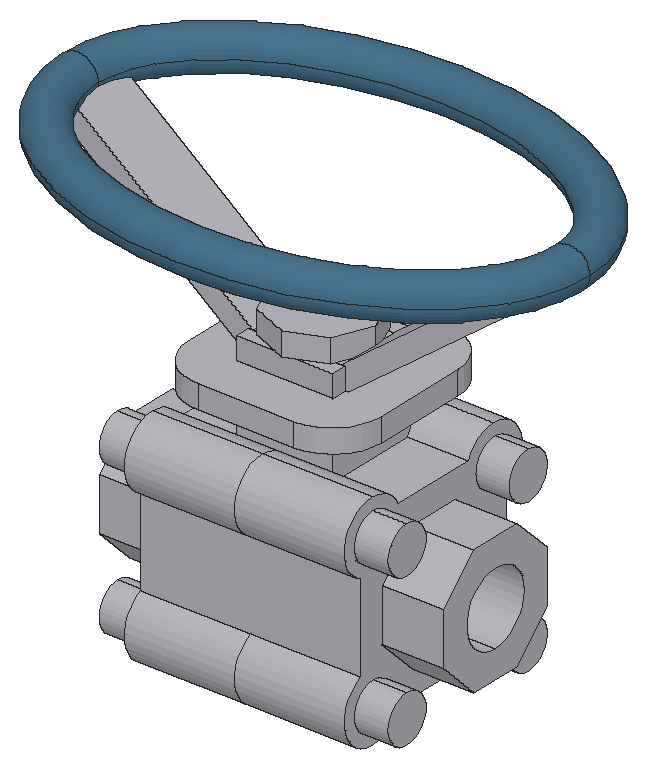
Revit family "320ASWOH-Ball-Valve", category Pipe Accessories, Revit 2018
Family settings
  Round Connector Dimension = Use Diameter
  Part Type = Valve - Breaks Into
  OmniClass Number = 23.60.30.11.14
  OmniClass Title = Pipework Fittings
  Work Plane-Based = No
  Always vertical = Yes
  Cut with Voids When Loaded = No
  Shared = No
Parameters
  Z4 [instance] = size_lookup(LookupTable, "Z4", 0.000", Nominal Diameter)  # 0.800"
  Z3 [instance] = size_lookup(LookupTable, "Z3", 0.000", Nominal Diameter)  # 0.200"
  Weight [instance] = size_lookup(LookupTable, "Weight", "NA", Nominal Diameter)  # "2.29 lbs."
  URL = "http://www.fnw.com"
  Standards Lookup Table = "Standards"  # constant formula
  R3 [instance] = size_lookup(LookupTable, "R3", 0.000", Nominal Diameter)  # 0.91924"
  Product ID Handle [instance] = size_lookup(LookupTable, "ProductIDHandle", "NA", Nominal Diameter)  # "4448698"
  Product ID [instance] = size_lookup(LookupTable, "ProductID", "NA", Nominal Diameter)  # "4106160"
  Pipe Diameter [instance] = size_lookup(Standards Lookup Table, "copper", 0.000", Nominal Diameter)  # 0.625"
  Pins [instance] = Lm / 2  # 0.650"
  Pin Length [instance] = X2 * 4 + X3  # 2.4726"
  Pin Diameter [instance] = size_lookup(LookupTable, "m", 0.000", Nominal Diameter)  # 0.400"
  Pin Bung [instance] = Pin Diameter * 1.5  # 0.600"
  Part Number Handle [instance] = size_lookup(LookupTable, "PartNumberHandle", "NA", Nominal Diameter)  # "FNW320AOHBF"
  Part Number [instance] = size_lookup(LookupTable, "PartNumber", "NA", Nominal Diameter)  # "FNW320ASWD"
  PIpe Radius [instance] = Pipe Diameter / 2  # 0.3125"
  Insert [instance] = size_lookup(LookupTable, "insert", 0.000", Nominal Diameter)  # 0.430"
  Manufacturer = "FNW"  # constant formula
  Lm [instance] = size_lookup(LookupTable, "lm", 0.000", Nominal Diameter)  # 1.300"
  Grip Pin4 [instance] = X3 / 2 + (X2 * 2)  # 1.2363"
  Gear [instance] = D3_Half - 0.063"  # 0.3495"
  Description BOM Handle [instance] = size_lookup(LookupTable, "Description_BOMHandle", "NA", Nominal Diameter)  # "1/4 - 3/4 OVAL Handle Kit 320A BV"
  Description BOM [instance] = size_lookup(LookupTable, "Description_BOM", "NA", Nominal Diameter)  # "1/2 Stainless Steel 2000# Socket Weld 3 Piece Full Port BV"
  Z2 [instance] = size_lookup(LookupTable, "Z2", 0.000", Nominal Diameter)  # 0.300"
  Z1 [instance] = size_lookup(LookupTable, "Z1", 0.000", Nominal Diameter)  # 0.920"
  X3 [instance] = size_lookup(LookupTable, "X3", 0.000", Nominal Diameter)  # 1.2926"
  X2 [instance] = size_lookup(LookupTable, "X2", 0.000", Nominal Diameter)  # 0.295"
  X1 [instance] = size_lookup(LookupTable, "X1", 0.000", Nominal Diameter)  # 0.5337"
  Show Lever Clearance [instance] = no
  R2 [instance] = size_lookup(LookupTable, "R2", 0.000", Nominal Diameter)  # 0.71924"
  R1_Diam [instance] = R1 * 2  # 1.100"
  R1 [instance] = size_lookup(LookupTable, "R1", 0.000", Nominal Diameter)  # 0.550"
  Nominal Radius [instance] = Nominal Diameter / 2  # 0.250"
  Nominal Diameter [instance] = 0.500"
  LookupTable = "320ASWOH-Ball-Valve"  # constant formula
  HexAngle1 [instance] = 135.00°  # constant formula
  D4 [instance] = size_lookup(LookupTable, "D4", 0.000", Nominal Diameter)  # 0.375"
  D3_Half [instance] = D3 / 2  # 0.4125"
  D3 [instance] = size_lookup(LookupTable, "D3", 0.000", Nominal Diameter)  # 0.825"
  D2_Half [instance] = D2 / 2  # 0.61875"
  D2 [instance] = size_lookup(LookupTable, "D2", 0.000", Nominal Diameter)  # 1.2375"
  D1_Half [instance] = D1 / 2  # 0.825"
  D1 [instance] = size_lookup(LookupTable, "D1", 0.000", Nominal Diameter)  # 1.650"
  Body_W [instance] = Lm / 2 + 0.125"  # 0.775"
  3_Z3 [instance] = size_lookup(LookupTable, "3_Z3", 0.000", Nominal Diameter)  # 1.3225"
  3_Z1 [instance] = size_lookup(LookupTable, "3_Z1", 0.000", Nominal Diameter)  # 1.500"
  3_Y1 [instance] = size_lookup(LookupTable, "3_Y1", 0.000", Nominal Diameter)  # 2.800"
  3_X3 [instance] = size_lookup(LookupTable, "3_X3", 0.000", Nominal Diameter)  # 0.825"
  3_X1 [instance] = size_lookup(LookupTable, "3_X1", 0.000", Nominal Diameter)  # 4.210"
  3_L1 [instance] = size_lookup(LookupTable, "3_L1", 0.000", Nominal Diameter)  # 0.1875"
  3_D1 [instance] = size_lookup(LookupTable, "3_D1", 0.000", Nominal Diameter)  # 0.355"
Reference planes (in)
  plane 1 "Center (Front/Back)": y = 0
  plane 2: z = 0
  plane 3 "Center (Left/Right)": x = 0
  plane 4 "X7 End": x = -1.475
  plane 5: x = -0.6463
  plane 6: x = 0.6463
  plane 7 "Pipe radius": z = 0.3125
  plane 8: z = 0.55
  plane 9: z = 0.92
  plane 10: z = 1.22
  plane 11 "top of pad": z = 1.42
  plane 12: x = 0.9413
  plane 13: x = -1.045
  plane 14: y = -0.65
  plane 15: z = -0.65
  plane 16: z = 0.65
  plane 17: y = 0.65
  plane 18: x = 10.098
  plane 19: y = 2.5
  plane 20: y = -2.5
  plane 21: y = -0.65
  plane 22: z = -0.65
  plane 23: z = 0.65
  plane 24: y = 0.65
  plane 25: through (0, 0, 0) normal (0, 0.7071, -0.7071)
  plane 26: through (0, 0, 0) normal (0, 0.7071, 0.7071)
  plane 27: y = -0.65
  plane 28: y = 0.65
  plane 29: y = -1.465
  plane 30: z = -1.465
  plane 31: z = 1.465
  plane 32: y = 1.465
  plane 33 "Pin Plane": x = -1.2363
  plane 34 "NPT 3": x = 1.475
  plane 35: x = 1.2363
  plane 36: z = -1.27275
  plane 37 "LM": z = 1.27275
  plane 38: x = -0.9413
  plane 39: x = 1.045
Forms (in)
  Extrusion 1, solid, material "Steel, Stainless", not visible
    sketch origin (-1.0872, 0, 0) x (0, 0, 1) y (0, -1, 0)
      loop
        circle (0, 0) r 0.25
    from 0.0422 to 2.1322
  Extrusion 2, solid, material "Steel, Stainless"
    sketch origin (1.4276, 0, 0) x (0, 0, 1) y (0, -1, 0)
      loop
        line (-0.22782, -0.55) -> (0.22782, -0.55) -> (0.55, -0.22782) -> (0.55, 0.22782) -> (0.22782, 0.55) -> (-0.22782, 0.55) -> (-0.55, 0.22782) -> (-0.55, -0.22782) -> (-0.22782, -0.55)
      loop
        circle (0, 0) r 0.3125
    from -2.9026 to 0.0474
  Extrusion 3, solid, material "Steel, Stainless"
    sketch origin (0, 0, 0.865) x (-1, 0, 0) y (0, -1, 0)
      loop
        arc (0.40833, -0.825) -> (0.70296, -0.70296) -> (0.825, -0.40833) r 0.41667
        line (0.825, -0.40833) -> (0.825, 0.40833)
        arc (0.825, 0.40833) -> (0.70296, 0.70296) -> (0.40833, 0.825) r 0.41667
        line (0.40833, 0.825) -> (-0.40833, 0.825)
        arc (-0.40833, 0.825) -> (-0.70296, 0.70296) -> (-0.825, 0.40833) r 0.41667
        line (-0.825, 0.40833) -> (-0.825, -0.40833)
        arc (-0.825, -0.40833) -> (-0.70296, -0.70296) -> (-0.40833, -0.825) r 0.41667
        line (-0.40833, -0.825) -> (0.40833, -0.825)
      loop
        circle (0, 0) r 0.4125
      loop
        circle (0, 0) r 0.3495
    from 0.355 to 0.555
  Extrusion 4, solid, material "Steel, Stainless"
    sketch origin (0, 0, 0.865) x (-1, 0, 0) y (0, -1, 0)
      loop
        line (0.4125, -0.4125) -> (0.4125, 0.4125) -> (-0.4125, 0.4125) -> (-0.4125, -0.4125) -> (0.4125, -0.4125)
    from -0.5525 to 0.355
  Extrusion 5, solid, material "Steel, Stainless"
    sketch origin (0, 0, 0.865) x (-1, 0, 0) y (0, -1, 0)
      loop
        line (0.21875, -0.21875) -> (0.21875, 0.21875) -> (-0.21875, 0.21875) -> (-0.21875, -0.21875) -> (0.21875, -0.21875)
    from 0.055 to 0.555
  Extrusion 6, solid, material "Steel, Stainless"
    sketch origin (-1.0872, 0, 0) x (0, 0, 1) y (0, -1, 0)
      loop
        circle (0.65, 0.65) r 0.2
      loop
        circle (0.65, -0.65) r 0.2
      loop
        circle (-0.65, -0.65) r 0.2
      loop
        circle (-0.65, 0.65) r 0.2
    from -0.1491 to 2.3235
  Extrusion 7, solid, material "Steel, Stainless"
    sketch origin (-1.0872, 0, 0) x (0, 0, 1) y (0, -1, 0)
      loop
        circle (0.65, -0.65) r 0.3
      loop
        circle (0.65, 0.65) r 0.3
      loop
        circle (-0.65, 0.65) r 0.3
      loop
        circle (-0.65, -0.65) r 0.3
    from 0.1459 to 1.0872
  Extrusion 8, solid, material "Steel, Stainless"
    sketch origin (-1.0872, 0, 0) x (0, 0, 1) y (0, -1, 0)
      loop
        circle (0.65, -0.65) r 0.3
      loop
        circle (0.65, 0.65) r 0.3
      loop
        circle (-0.65, 0.65) r 0.3
      loop
        circle (-0.65, -0.65) r 0.3
    from 1.0872 to 2.0285
  Extrusion 9, solid, material "Steel, Stainless"
    sketch origin (-1.2363, 0, 0) x (0, 0, 1) y (0, -1, 0)
      loop
        line (0.775, -0.775) -> (0.775, 0.775) -> (-0.775, 0.775) -> (-0.775, -0.775) -> (0.775, -0.775)
    from 0.295 to 2.1776
Cuts and joins
  joined: Extrusion 7, Extrusion 8, Extrusion 9
Dimensions and locks (in)
  "PIpe Radius": plane 7 "Pipe radius" to plane 2
  "R1": Extrusion 2 sketch curve to plane 1 "Center (Front/Back)"
  "R1": plane 1 "Center (Front/Back)" to Extrusion 2 sketch curve  (x5)
  "R1": plane 2 to Extrusion 2 sketch curve  (x2)
  "R1": plane 8 to plane 2
  "Z1": plane 9 to plane 2
  "Z2": plane 10 to plane 9
  "Z3": plane 11 "top of pad" to plane 10
  "D1_Half": Extrusion 3 sketch curve to plane 3 "Center (Left/Right)"
  "D1_Half": plane 3 "Center (Left/Right)" to Extrusion 3 sketch curve
  "D1_Half": plane 1 "Center (Front/Back)" to Extrusion 3 sketch curve
  "D1_Half": Extrusion 3 sketch curve to plane 1 "Center (Front/Back)"
  "D3_Half": Extrusion 4 sketch curve to plane 3 "Center (Left/Right)"
  "D3_Half": plane 3 "Center (Left/Right)" to Extrusion 4 sketch curve
  "D3_Half": plane 1 "Center (Front/Back)" to Extrusion 4 sketch curve  (x2)
  equal spacing: Extrusion 5 sketch curve, plane 1 "Center (Front/Back)", Extrusion 5 sketch curve
  Extrusion 5 sketch curve to Extrusion 5 sketch curve = 0.4375"  (x2)
  equal spacing: Extrusion 5 sketch curve, plane 3 "Center (Left/Right)", Extrusion 5 sketch curve
  "Pins": plane 2 to plane 16
  "Pins": plane 2 to plane 15
  "Pins": plane 1 "Center (Front/Back)" to plane 14
  "Pins": plane 17 to plane 1 "Center (Front/Back)"
  equal spacing: plane 19, plane 1 "Center (Front/Back)", plane 20
  plane 19 to plane 20 = 5.000"
  "Pins": plane 24 to plane 1 "Center (Front/Back)" to plane 21
  "Pins": plane 22 to plane 2 to plane 23
  plane 28 to plane 27 = 1.300"
  equal spacing: plane 28, plane 1 "Center (Front/Back)", plane 27
  "Lm": plane 28 to plane 27
  plane 32 to plane 29 = 2.930"
  plane 30 to plane 31 = 2.930"
  "X2": plane 12 to plane 6
  equal spacing: plane 6, plane 3 "Center (Left/Right)", plane 5
  "X3": plane 6 to plane 5
  "X1": plane 34 "NPT 3" to plane 12
  "Grip Pin4": Extrusion 6 to plane 3 "Center (Left/Right)"
  "X2": plane 35 to plane 12
  "Body_W": Extrusion 9 sketch curve to plane 2
  "Body_W": plane 1 "Center (Front/Back)" to Extrusion 9 sketch curve
  "Body_W": plane 2 to Extrusion 9 sketch curve
  "Body_W": Extrusion 9 sketch curve to plane 1 "Center (Front/Back)"
  "X2": plane 5 to plane 38
  "X2": plane 38 to plane 33 "Pin Plane"
  "X1": plane 38 to plane 4 "X7 End"
  "Insert": plane 4 "X7 End" to plane 13
  "Insert": plane 34 "NPT 3" to plane 39
  "Nominal Radius": radius of Extrusion 1 sketch curve
  "PIpe Radius": radius of Extrusion 2 sketch curve
  radius of Extrusion 3 sketch curve = 0.41667"  (x4)
  "D3_Half": radius of Extrusion 3 sketch curve
  "Gear": radius of Extrusion 3 sketch curve
  "Pin Diameter": diameter of Extrusion 6 sketch curve  (x4)
  "Pin Bung": diameter of Extrusion 7 sketch curve  (x4)
  "Pin Bung": diameter of Extrusion 8 sketch curve  (x4)
  angle Extrusion 2 sketch curve to Extrusion 2 sketch curve = 135.00°  (x7)
  aligned and locked: plane 2 to level
  aligned and locked: plane 4 "X7 End" to Extrusion 2
  aligned and locked: Extrusion 3 to plane 10
  aligned and locked: plane 11 "top of pad" to Extrusion 3
  aligned and locked: Extrusion 4 to plane 7 "Pipe radius"
  aligned and locked: Extrusion 1 to plane 13
  aligned and locked: plane 10 to Extrusion 4
  aligned and locked: Extrusion 5 to plane 9
  aligned and locked: plane 12 to Extrusion 8
  aligned and locked: Extrusion 2 to plane 34 "NPT 3"
  aligned and locked: plane 11 "top of pad" to Extrusion 5
  aligned and locked: Extrusion 6 to plane 33 "Pin Plane"
  aligned and locked: plane 3 "Center (Left/Right)" to Extrusion 7
  aligned and locked: Extrusion 8 to plane 3 "Center (Left/Right)"
  aligned and locked: cut or joined group of Extrusion 7, Extrusion 8, Extrusion 9 to plane 38  (x2)
  aligned and locked: plane 38 to cut or joined group of Extrusion 7, Extrusion 8, Extrusion 9
  aligned and locked: plane 39 to Extrusion 1
  aligned and locked: plane 12 to Extrusion 9
Automatic sketch dimensions
  Extrusion 1 sketch curve to level = 0.000"
  Extrusion 1 sketch curve to plane 1 "Center (Front/Back)" = 0.000"
  Extrusion 2 sketch curve to level = 0.000"
  Extrusion 2 sketch curve to plane 1 "Center (Front/Back)" = 0.000"
  Extrusion 3 sketch curve to Extrusion 3 sketch curve = 0.000"  (x2)
  plane 1 "Center (Front/Back)" to Extrusion 3 sketch curve = 0.000"
  Extrusion 3 sketch curve to plane 3 "Center (Left/Right)" = 0.000"
  Extrusion 6 sketch curve to plane 15 = 0.000"  (x2)
  Extrusion 6 sketch curve to plane 14 = 0.000"  (x2)
  plane 16 to Extrusion 6 sketch curve = 0.000"  (x2)
  Extrusion 6 sketch curve to plane 17 = 0.000"  (x2)
  Extrusion 7 sketch curve to plane 21 = 0.000"  (x2)
  Extrusion 7 sketch curve to plane 22 = 0.000"  (x2)
  plane 23 to Extrusion 7 sketch curve = 0.000"  (x2)
  Extrusion 7 sketch curve to plane 24 = 0.000"  (x2)
  plane 25 to Extrusion 8 sketch curve = 0.000"  (x2)
  Extrusion 8 sketch curve to plane 27 = 0.000"  (x2)
  plane 26 to Extrusion 8 sketch curve = 0.000"  (x2)
  Extrusion 8 sketch curve to plane 28 = 0.000"  (x2)
Nested families (in)
  nested 1: "Oval Handle 320ASWOH" at (0, 0, 1.42) x (-1, 0, 0) z (0, 0, 1), 3_D1 <- "3_D1", 3_L1 <- "3_L1", 3_X1 <- "3_X1", 3_X3 <- "3_X3", 3_Y1 <- "3_Y1", 3_Z1 <- "3_Z1", 3_Z3 <- "3_Z3", D3 <- "D3", Z3 <- "Z3", Description BOM <- "Description BOM Handle", Part Number <- "Product ID Handle", Product ID <- "Product ID Handle", type "Oval Handle 320ASWOH"
    with b 2.105", a 1.22375", Z3 0.200", Show Lever Clearance yes, Product ID "4448698", Part Number "4448698", Description BOM "1/4 - 3/4 OVAL Handle Kit 320A BV", D3 0.825", Center of Oval Handle 1.41125", Angle Hex Head 135.00°, 3_Z3 1.3225", 3_Z2 0.125", 3_Z1 1.500", 3_Y1 2.800", 3_X3 0.825", 3_X1 4.210", 3_L1_Half 0.09375", 3_L1 0.1875", 3_D1_Radius 0.1775", 3_D1 0.355"
Connectors (in)
  piping at (-1.045, 0, 0), diameter 0.5, driven by "Nominal Diameter"
    settings: on Extrusion 1, index 1, connector inside diameter 24", connector length 0.000", flow factor 0, pipe flow 0 GPM, pressure drop 0.00 psi, fitting loss kfactor 0, connector angle 0.00°, fixture units 0, engagement length 0.000", angle of deflection 0.00°, flow configuration 0, flow direction 0, fitting loss method 0, system type 7, joint type 0, gender type 0, connector reference index 2, connector utility 0, adjustable connector no, is connector primary yes, connector description ""
  piping at (1.045, 0, 0), diameter 0.5, driven by "Nominal Diameter"
    settings: on Extrusion 1, index 2, connector inside diameter 24", connector length 0.000", flow factor 0, pipe flow 0 GPM, pressure drop 0.00 psi, fitting loss kfactor 0, connector angle 0.00°, fixture units 0, engagement length 0.000", angle of deflection 0.00°, flow configuration 0, flow direction 0, fitting loss method 0, system type 7, joint type 0, gender type 0, connector reference index 1, connector utility 0, adjustable connector no, is connector primary no, connector description ""
Definition of nested family "Oval Handle 320ASWOH"
  Parameters (values of type "Oval Handle  320ASW")
    b [instance] = [3_X1] / 2  # 2.105"
    a [instance] = Center of Oval Handle - [3_L1]  # 1.34375"
    Z3 [instance] = 0.14279"
    Product ID [instance] = ""
    Part Number [instance] = ""
    Description BOM [instance] = ""
    D3 [instance] = 0.27676"
    Center of Oval Handle [instance] = ([3_Z1] - [3_Z3]) / 2 + ([3_Z3])  # 1.46875"
    Angle 2 = 45.00°  # constant formula
    Show Lever Clearance [instance] = yes
    Default Elevation = 48.000"
    Angle Hex Head [instance] = 135.00°  # constant formula
    3_Z3 [instance] = 1.3125"
    3_Z2 [instance] = 0.125"
    3_Z1 [instance] = 1.625"
    3_Y1 [instance] = 2.800"
    3_X3 [instance] = 0.5625"
    3_X1 [instance] = 4.210"
    3_L1_Half [instance] = [3_L1] / 2  # 0.0625"
    3_L1 [instance] = 0.125"
    3_D1_Radius [instance] = [3_D1] / 2  # 0.1565"
    3_D1 [instance] = 0.313"
  Reference planes (in)
    plane 1 "Center (Front/Back)": y = 0
    plane 2: z = 0
    plane 3 "Center (Left/Right)": x = 0
    plane 4: y = 1
    plane 5: y = -1
    plane 6: y = 1.03125
    plane 7: y = -1.03125
    plane 8: x = -0.28125
    plane 9: x = 0.28125
    plane 10 "Z3_Base": z = 0.125
    plane 11: z = -0.125
    plane 12: z = 1.625
    plane 13: z = 1.3125
    plane 14: x = -2.105
    plane 15: x = 2.105
    plane 16: x = -1.28
    plane 17: x = 1.28
    plane 18: x = -0.15625
    plane 19: x = 0.21875
    plane 20: y = 1.4
    plane 21 "Center of Oval Side View": y = -1.4
    plane 22 "Centerline Oval Handle": z = 1.46875
    plane 23: y = 0.28125
    plane 24: y = -0.28125
    plane 25: z = 0.26779
  Forms (in)
    Extrusion 1, solid
      sketch origin (0, 0, 0) x (1, 0, 0) y (0, 1, 0)
        loop
          line (-48, 48) -> (-48, -48) -> (48, -48) -> (48, 48) -> (-48, 48)
      from 0 to -12
    Sweep 2, solid
      path origin (0, 0, 1.46875) x (0, -1, 0) y (1, 0, 0)
        loop
          spline (0, -2.105) -> (0.36235, -2.03327) -> (0.7, -1.82298) -> (0.98995, -1.48846) -> (1.21244, -1.0525) -> (1.3523, -0.54481) -> (1.4, 0) -> (1.3523, 0.54481) -> (1.21244, 1.0525) -> (0.98995, 1.48846) -> (0.7, 1.82298) -> (0.36235, 2.03327) -> (0, 2.105)
          spline (0, 2.105) -> (-0.36235, 2.03327) -> (-0.7, 1.82298) -> (-0.98995, 1.48846) -> (-1.21244, 1.0525) -> (-1.3523, 0.54481) -> (-1.4, 0) -> (-1.3523, -0.54481) -> (-1.21244, -1.0525) -> (-0.98995, -1.48846) -> (-0.7, -1.82298) -> (-0.36235, -2.03327) -> (0, -2.105)
      profile origin (0, 1.4, 1.46875) x (0, 1, 0) y (0, 0, 1)
        loop
          circle (0, 0) r 0.1565
    Extrusion 3, solid
      sketch origin (0, 0, 0) x (1, 0, 0) y (0, 0, 1)
        loop
          line (-0.28125, -0.125) -> (-0.15625, -0.125) -> (-0.15625, 0) -> (0.21875, 0) -> (0.21875, -0.125) -> (0.28125, -0.125) -> (0.28125, 0.125) -> (-0.28125, 0.125) -> (-0.28125, -0.125)
      from -0.28125 to 0.28125
    Sweep 4, solid
      path origin (0, 0, 0) x (1, 0, 0) y (0, 0, 1)
        loop
          line (-2.105, 1.46875) -> (-0.28125, 0.0625) -> (0.28125, 0.0625) -> (2.105, 1.46875)
      profile origin (-1.19312, 0, 0.76563) x (0.610628, 0, 0.791917) y (0, -1, 0)
        loop
          line (0.0625, -0.28125) -> (0.0625, 0.28124) -> (-0.0625, 0.28124) -> (-0.0625, -0.28125) -> (0.0625, -0.28125)
    Extrusion 5, solid
      sketch origin (0, 0, 1.46875) x (0, -1, 0) y (1, 0, 0)
        loop
          line (0.14978, 0) -> (0.10591, 0.10591) -> (0, 0.14978) -> (-0.10591, 0.10591) -> (-0.14978, 0) -> (-0.10591, -0.10591) -> (0, -0.14978) -> (0.10591, -0.10591) -> (0.14978, 0)
      from -1.34375 to -1.20096
  Lines and regions (in)
    reference lines
      curve 1: line (0, 0, 3.375) -> (0, 0, -1.625)
  Text (in)
    text "3_X1 -Center of Sweep" at (6.95247, 0, 9.12543), in view "Front"
    text "3_Y1 - Other view Left Oval Center" at (8.35736, 0, 8.09025), in view "Front"
  Dimensions and locks (in)
    equal spacing: plane 4, plane 1 "Center (Front/Back)", plane 5
    plane 4 to plane 5 = 2.000"
    plane 5 to plane 7 = 0.03125"
    plane 6 to plane 4 = 0.03125"
    equal spacing: plane 9, plane 3 "Center (Left/Right)", plane 8
    "3_X3": plane 9 to plane 8
    "3_L1": plane 10 "Z3_Base" to plane 2
    "3_Z2": plane 2 to plane 11
    "3_Z1": plane 12 to plane 2
    "3_Z3": plane 13 to plane 2
    equal spacing: plane 14, plane 3 "Center (Left/Right)", plane 15
    "3_X1": plane 14 to plane 15
    plane 14 to plane 16 = 0.825"
    plane 15 to plane 17 = 0.825"
    "3_L1": plane 18 to plane 8
    "3_L1_Half": plane 19 to plane 9
    equal spacing: plane 20, plane 1 "Center (Front/Back)", plane 21 "Center of Oval Side View"
    "3_Y1": plane 20 to plane 21 "Center of Oval Side View"
    "Center of Oval Handle": plane 22 "Centerline Oval Handle" to plane 2
    equal spacing: plane 23, plane 1 "Center (Front/Back)", plane 24
    "3_X3": plane 23 to plane 24
    equal spacing: Sweep 4 sketch curve, profile plane, Sweep 4 sketch curve
    "3_L1": Sweep 4 sketch curve to Sweep 4 sketch curve
    "3_L1_Half": Sweep 4 sketch curve to plane 2
    equal spacing: Extrusion 5 sketch curve, curve 1, Extrusion 5 sketch curve  (x4)
    "D3": Extrusion 5 sketch curve to Extrusion 5 sketch curve  (x4)
    "Z3": plane 25 to plane 10 "Z3_Base"
    "3_D1_Radius": radius of Sweep 2 sketch curve
    "Angle Hex Head": angle Extrusion 5 sketch curve to Extrusion 5 sketch curve  (x7)
    aligned and locked: plane 2 to Extrusion 1
    aligned and locked: level to Extrusion 1
    aligned and locked: curve 1 to plane 3 "Center (Left/Right)"
    aligned and locked: plane 20 to Sweep 2 sketch curve
    aligned and locked: plane 21 "Center of Oval Side View" to Sweep 2 sketch curve
    aligned and locked: plane 15 to Sweep 2 sketch curve
    aligned and locked: plane 14 to Sweep 2 sketch curve
    aligned and locked: plane 23 to Extrusion 3
    aligned and locked: Extrusion 3 to plane 24
    aligned and locked: plane 14 to Sweep 4 sketch curve
    aligned and locked: plane 22 "Centerline Oval Handle" to Sweep 4 sketch curve  (x2)
    aligned and locked: plane 15 to Sweep 4 sketch curve
    aligned and locked: plane 10 "Z3_Base" to Extrusion 5
    aligned and locked: Extrusion 5 to plane 25
  Automatic sketch dimensions
    Extrusion 1 sketch curve to Extrusion 1 sketch curve = 96.000"  (x2)
    curve 1 to level = 1.625"
    level to curve 1 = 3.375"
    Extrusion 3 sketch curve to plane 8 = 0.000"
    Extrusion 3 sketch curve to plane 11 = 0.000"  (x2)
    Extrusion 3 sketch curve to plane 18 = 0.000"
    Extrusion 3 sketch curve to level = 0.000"
    Extrusion 3 sketch curve to plane 19 = 0.000"
    Extrusion 3 sketch curve to plane 9 = 0.000"
    Extrusion 3 sketch curve to plane 10 "Z3_Base" = 0.000"
    plane 22 "Centerline Oval Handle" to Sweep 2 sketch curve = 0.000"
    Sweep 2 sketch curve to profile plane = 0.000"
    Sweep 4 sketch curve to plane 8 = 0.000"
    Sweep 4 sketch curve to plane 9 = 0.000"
    Sweep 4 sketch curve to plane 1 "Center (Front/Back)" = 0.28125"
    plane 1 "Center (Front/Back)" to Sweep 4 sketch curve = 0.28124"
    plane 1 "Center (Front/Back)" to Extrusion 5 sketch curve = 0.000"
